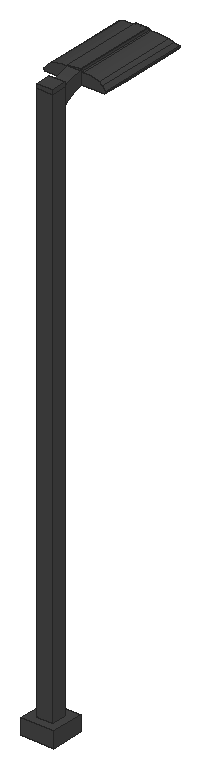
Revit family "ALT2", category Lighting Fixtures, Revit 2014
Parameters (values of type "ALT2")
  Width = 14.00"
  Wattage Comments = "20W"
  Wattage = 20 W
  built-in parameter 1150110 = 1 (stored number, unit not read)
  Voltage = 0 V
  URL = "https://www.hubbell.com/kimlighting/en"
  Type Comments = "Lighting Fixture"  # constant formula
  built-in parameter 1114217 = 1 (stored number, unit not read)
  Tilt Angle = 90.00°  # constant formula
  built-in parameter 1150109 = 1 (stored number, unit not read)
  built-in parameter 1150134 = (empty or 0)
  built-in parameter 1150113 = 1 (stored number, unit not read)
  Series = "Altitude"  # constant formula
  Revisions Date = "04/04/2019"  # constant formula
  Product Page URL = "https://www.hubbell.com/kimlighting/en/Products/Lighting-Controls/Harsh-Hazardous-Lighting/Street-Lighting/Altitude-2-0/p/2879707"
  Product Documentation Link = "https://hubbellcdn.com/specsheet/kl_alt2_spec.pdf"
  Power Factor = 1
  Pole Width = 4.00"
  Pole Height [instance] = 149.94162"
  Pole = yes
  Photometric Web Link = "https://www.hubbell.com/kimlighting/en/Products/Lighting-Controls/Harsh-Hazardous-Lighting/Street-Lighting/Altitude-2-0/p/2879707#prod-resources-section"
  Photometric Web File = "ALT2-100L-160-3K7-2-BC.ies"
  Photometric Notes = "More IES files download on Photometric Web Link"  # constant formula
  Offset From Pole = 6.12"
  Number of Poles = 1
  Model = "ALT2"
  Manufacturer = "KIM Lighting"  # constant formula
  Lumens = 2980 lm
  built-in parameter 1150115 = 1 (stored number, unit not read)
  built-in parameter 1150105 = 237.14 (stored number, unit not read)
  Light source [instance] = Pole Height - 3.50"  # 146.44162"
  built-in parameter 1150137 = (empty or 0)
  built-in parameter 1150139 = (empty or 0)
  Lens = Glass-KIM-Temper Molded
  built-in parameter 1150112 = 1 (stored number, unit not read)
  built-in parameter 1150114 = 1 (stored number, unit not read)
  Lamp = "default"
  built-in parameter 1150132 = (empty or 0)
  built-in parameter 1150102 = (empty or 0)
  built-in parameter 1150138 = (empty or 0)
  built-in parameter 1150107 = 3000 (stored number, unit not read)
  built-in parameter 1150106 = 2.3714 (stored number, unit not read)
  Fixture Height = 7.50"
  Finish = Powder Coat-Kim-Black
  Emit from Rectangle Width = 15.00"  # constant formula
  Emit from Rectangle Length = 20.00"  # constant formula
  Emit Shape Visible in Rendering = no
  built-in parameter 1150104 = 13.843 (stored number, unit not read)
  Dimming Lamp Color Temperature Shift = <None>
  Description = "Altitude® is the ultimate in luminaire design innovation with a unique balance of form, engineering and superior optics. The low profile housing is proportional and scalable with three sizes to cover more pedestrian/site/roadway environments than ever before. The result is an architecturally relevant luminaire of unsurpassed quality and flexibility that maximizes the power and performance."  # constant formula
  Depth = 18.44"
  Color Temperature = 0 K
  Color Filter = 16777215
  Certifications = "UL Listed"
  Center Width = 3.00"
  built-in parameter 1114218 = 1 (stored number, unit not read)
  built-in parameter 1150133 = 10 (stored number, unit not read)
  Assembly Code = "D5020200"
  Apparent Load = 20 VA
Reference planes (in)
  plane 1 "Light Source Axis (F/B)": y = 0
  plane 2: z = 0
  plane 3 "Light Source Axis (L/R)": x = 1.5
  plane 4 "Light Source Elevation": z = 146.44162
  plane 5 "Back": y = -15.34
Dimensions and locks (in)
  "Light source": plane 4 "Light Source Elevation" to plane 2
  aligned and locked: plane 4 "Light Source Elevation" to imposter light
  aligned and locked: nested 1 to plane 3 "Light Source Axis (L/R)"
  aligned and locked: nested 1 to plane 5 "Back"
  aligned and locked: imposter light to plane 3 "Light Source Axis (L/R)"
  aligned and locked: nested 2 to nested 1
Nested families (in)
  nested 1: "Kim_Lighting-Square_Pole" at (1.5, -17.34, 0) x (-1, 0, 0) z (0, 0, 1), visible <- "Pole", type "Kim_Lighting-Square_Pole"
    with Width 4.00", Height 149.94162", Base Cover 8.625"
  nested 2: "2ALT" at (1.1708, -15.34, 146.44162) x (-1, 0, 0) z (0, 1, 0), type "2ALT"
    with Lens White Glass, Finish Powder Coat-Kim-Black
Connectors (in)
  electrical at (1.5, -15.34, 18), driven by "Power Factor", driven by "Apparent Load", driven by "Apparent Load", driven by "Voltage", driven by "Number of Poles"
    settings: on nested 1, index 1, voltage 0 V, apparent load 20 VA, apparent load phase1 20 VA, apparent load phase2 0 VA, apparent load phase3 0 VA, power factor 1, load classification "Lighting", number of poles 1, system type 30, power factor state 1, is connector primary yes, connector utility no, sub classification motor no, connector description "Lighting Connector"
Definition of nested family "Kim_Lighting-Square_Pole"
  Parameters
    Width = 5.00"
    URL = "http://www.kimlighting.com/"
    Type Comments = "Non-Tapered Pole"
    Model = "Square Pole"  # constant formula
    Manufacturer = "KIM Lighting"  # constant formula
    Height = 240.00"
    Finish = none
    Base Cover = if(Width = 5.00", 12.625", 8.625")  # 12.625"
  Reference planes (in)
    plane 1 "Center (Front/Back)": y = 0
    plane 2: z = 0
    plane 3 "Center (Left/Right)": x = 0
    plane 4 "Front": y = -2.5
    plane 5 "Left": x = -2.5
    plane 6 "Right": x = 2.5
    plane 7 "Back": y = 2.5
    plane 8 "Top": z = 240
    plane 9: x = -6.3125
    plane 10: x = 6.3125
    plane 11: y = 6.3125
    plane 12: y = -6.3125
    plane 13: z = 18
  Forms (in)
    Extrusion 1, solid, material <- "Finish"
      sketch origin (0, 0, 0) x (1, 0, 0) y (0, 1, 0)
        loop
          line (-2.5, -2.5) -> (2.5, -2.5) -> (2.5, 2.5) -> (-2.5, 2.5) -> (-2.5, -2.5)
      from 0 to 240
    Extrusion 2, solid, material <- "Finish", detail levels medium+fine
      sketch origin (0, 0, 0) x (1, 0, 0) y (0, 1, 0)
        loop
          line (-6.3125, -6.3125) -> (6.3125, -6.3125) -> (6.3125, 6.3125) -> (-6.3125, 6.3125) -> (-6.3125, -6.3125)
        loop
          line (-2.5, -2.5) -> (2.5, -2.5) -> (2.5, 2.5) -> (-2.5, 2.5) -> (-2.5, -2.5)
      from 0 to 4
    Extrusion 3, solid, material <- "Finish", detail levels fine
      sketch origin (0, 0, 0) x (1, 0, 0) y (0, 0, 1)
        loop
          line (-1.5, 15) -> (1.5, 15) -> (1.5, 21) -> (-1.5, 21) -> (-1.5, 15)
      from 2.5 to 2.5625
    Extrusion 4, solid, material <- "Finish", detail levels fine
      sketch origin (0, 0, 240) x (-1, 0, 0) y (0, -1, 0)
        loop
          line (2.5625, 2.5625) -> (-2.5625, 2.5625) -> (-2.5625, -2.5625) -> (2.5625, -2.5625) -> (2.5625, 2.5625)
      from 0.10394 to -0.89606
  Lines and regions (in)
    Masking region 1
      outline origin (0, 0, 0) x (1, 0, 0) y (0, 0, 1)
        loop
          line (-2.5, 0) -> (2.5, 0) -> (2.5, 240) -> (-2.5, 240) -> (-2.5, 0)
    Masking region 2, detail levels medium+fine
      outline origin (0, 0, 0) x (1, 0, 0) y (0, 0, 1)
        loop
          line (-6.3125, 0) -> (6.3125, 0) -> (6.3125, 4) -> (-6.3125, 4) -> (-6.3125, 0)
    Masking region 3, detail levels fine
      outline origin (0, 0, 0) x (1, 0, 0) y (0, 0, 1)
        loop
          line (-2.5625, 239.10394) -> (2.5625, 239.10394) -> (2.5625, 240.10394) -> (-2.5625, 240.10394) -> (-2.5625, 239.10394)
    Masking region 4
      outline origin (0, 0, 0) x (0, 1, 0) y (0, 0, 1)
        loop
          line (2.5, 0) -> (2.5, 240) -> (-2.5, 240) -> (-2.5, 0) -> (2.5, 0)
    Masking region 5, detail levels medium+fine
      outline origin (0, 0, 0) x (0, 1, 0) y (0, 0, 1)
        loop
          line (6.3125, 0) -> (6.3125, 4) -> (-6.3125, 4) -> (-6.3125, 0) -> (6.3125, 0)
    Masking region 6, detail levels fine
      outline origin (0, 0, 0) x (0, 1, 0) y (0, 0, 1)
        loop
          line (2.5625, 239.10394) -> (2.5625, 240.10394) -> (-2.5625, 240.10394) -> (-2.5625, 239.10394) -> (2.5625, 239.10394)
    Masking region 7, detail levels medium+fine
      outline origin (0, 0, 0) x (1, 0, 0) y (0, 1, 0)
        loop
          line (-6.3125, -6.3125) -> (6.3125, -6.3125) -> (6.3125, 6.3125) -> (-6.3125, 6.3125) -> (-6.3125, -6.3125)
        loop
          line (-2.5, -2.5) -> (2.5, -2.5) -> (2.5, 2.5) -> (-2.5, 2.5) -> (-2.5, -2.5)
    Masking region 8
      outline origin (0, 0, 0) x (1, 0, 0) y (0, 1, 0)
        loop
          line (-2.5, -2.5) -> (2.5, -2.5) -> (2.5, 2.5) -> (-2.5, 2.5) -> (-2.5, -2.5)
    symbolic lines, detail levels fine
      curve 1: line (-1.5, 0, 15) -> (1.5, 0, 15)
      curve 2: line (-1.5, 0, 21) -> (-1.5, 0, 15)
      curve 3: line (1.5, 0, 21) -> (-1.5, 0, 21)
      curve 4: line (1.5, 0, 15) -> (1.5, 0, 21)
  Dimensions and locks (in)
    equal spacing: plane 7 "Back", plane 1 "Center (Front/Back)", plane 4 "Front"
    equal spacing: plane 5 "Left", plane 3 "Center (Left/Right)", plane 6 "Right"
    "Width": plane 7 "Back" to plane 4 "Front"
    "Width": plane 5 "Left" to plane 6 "Right"
    plane 3 "Center (Left/Right)" to Extrusion 1 = 2.50"
    "Height": plane 8 "Top" to level
    equal spacing: plane 11, plane 1 "Center (Front/Back)", plane 12
    "Base Cover": plane 11 to plane 12
    equal spacing: plane 9, plane 3 "Center (Left/Right)", plane 10
    "Base Cover": plane 9 to plane 10
    locked: Extrusion 2 to level at 4
    locked: plane 13 to level at 18
    Extrusion 3 sketch curve to plane 13 to Extrusion 3 sketch curve = 3.00" locked, 3.00" locked
    Extrusion 3 sketch curve to plane 3 "Center (Left/Right)" to Extrusion 3 sketch curve = 1.50" locked, 1.50" locked
    locked: plane 4 "Front" to Extrusion 3 at 0.0625
    Extrusion 4 to plane 8 "Top" to Extrusion 4 = 0.10394" locked, 0.89606" locked
    aligned and locked: plane 5 "Left" to Extrusion 1 sketch curve
    aligned and locked: Extrusion 1 sketch curve to plane 4 "Front"
    aligned and locked: plane 7 "Back" to Extrusion 1 sketch curve
    aligned and locked: Extrusion 1 sketch curve to plane 6 "Right"
    aligned and locked: plane 8 "Top" to Extrusion 1
    aligned and locked: plane 9 to Extrusion 2 sketch curve
    aligned and locked: Extrusion 2 sketch curve to plane 12
    aligned and locked: plane 11 to Extrusion 2 sketch curve
    aligned and locked: Extrusion 2 sketch curve to plane 10
    aligned and locked: Extrusion 1 to Extrusion 2 sketch curve
    aligned and locked: Extrusion 2 sketch curve to Extrusion 1  (x3)
    aligned and locked: plane 4 "Front" to Extrusion 3
    aligned: plane 8 "Top" to Extrusion 4
    aligned and locked: Masking region 1 sketch curve to Extrusion 1  (x2)
    aligned and locked: plane 8 "Top" to Masking region 1 sketch curve
    aligned and locked: Masking region 1 sketch curve to plane 6 "Right"
    aligned and locked: Masking region 2 sketch curve to Extrusion 2  (x2)
    aligned and locked: Extrusion 2 to Masking region 2 sketch curve
    aligned and locked: Masking region 2 sketch curve to plane 10
    aligned and locked: Extrusion 3 to curve 1
    aligned and locked: curve 1 to Extrusion 3
    aligned and locked: curve 4 to Extrusion 3  (x2)
    aligned and locked: Masking region 3 sketch curve to Extrusion 4  (x3)
    aligned and locked: Extrusion 4 to Masking region 3 sketch curve
    aligned and locked: Masking region 4 sketch curve to Extrusion 1  (x3)
    aligned and locked: Extrusion 1 to Masking region 4 sketch curve
    aligned and locked: Masking region 5 sketch curve to Extrusion 2  (x3)
    aligned and locked: Extrusion 2 to Masking region 5 sketch curve
    aligned and locked: Masking region 6 sketch curve to Extrusion 4  (x3)
    aligned and locked: Extrusion 4 to Masking region 6 sketch curve
    aligned and locked: Extrusion 2 to Masking region 7 sketch curve
    aligned and locked: Masking region 7 sketch curve to Extrusion 2  (x3)
    aligned and locked: Extrusion 1 to Masking region 8 sketch curve
    aligned and locked: Masking region 8 sketch curve to Extrusion 1  (x3)
    aligned and locked: Extrusion 1 to Masking region 7 sketch curve
    aligned and locked: Masking region 7 sketch curve to Extrusion 1  (x3)
  Automatic sketch dimensions
    Extrusion 4 sketch curve to plane 6 "Right" = 0.0625"
    plane 5 "Left" to Extrusion 4 sketch curve = 0.0625"
    plane 7 "Back" to Extrusion 4 sketch curve = 0.0625"
    Extrusion 4 sketch curve to plane 4 "Front" = 0.0625"
Definition of nested family "2ALT"
  Parameters (values of type "2ALT")
    Width = 16.00"
    URL = "http://www.spauldinglighting.com/"
    Product Page URL = ""
    Product Documentation Link = ""
    Manufacturer Phone = "(864)-678-1000"  # constant formula
    Manufacturer Fax = "(866)-898-1065"  # constant formula
    Manufacturer = "Spaulding Lighting"  # constant formula
    Lens [instance] = White Glass
    Length = 30.25"
    Finish [instance] = Powder Coat-Kim-Black
  Reference planes (in)
    plane 1 "Center (Front/Back)": y = 0
    plane 2: z = 0
    plane 3 "Center (Left/Right)": x = 0
    plane 4: z = 30.06
    plane 5: z = 6.62
    plane 6: y = -3.375
    plane 7: x = -8
    plane 8: x = 8
    plane 9: y = 3.5
  Forms (in)
    Extrusion 1, solid, material "Powder Coat-Kim-Black" <- "Finish"
      sketch origin (0, 0, 0) x (0, 1, 0) y (0, 0, 1)
        loop
          line (0, 30.06) -> (0, 13.0003) -> (0, 6.25) -> (3.5, 6.25) -> (3.5, 27.72554) -> (0.61718, 30.06) -> (0, 30.06)
      from -8 to 8
    Extrusion 2, solid, material "Powder Coat-Kim-Black" <- "Finish"
      sketch origin (0, 0, 0) x (0, 1, 0) y (0, 0, 1)
        loop
          line (-3.375, 0) -> (1.56488, 0)
          arc (1.56488, 0) -> (2.78495, 3.2371) -> (3.50838, 6.62) r 23.12072
          line (3.50838, 6.62) -> (0.10272, 6.62)
          arc (0.10272, 6.62) -> (-1.2633, 3.11413) -> (-3.375, 0) r 16.80725
      from -1.5889 to 1.5889
    Sweep 3, solid, material "Powder Coat-Kim-Black" <- "Finish"
      path in 3D
        loop
          line (8, 0, 6.25) -> (8, 3.5, 6.25) -> (8, 3.5, 27.72554) -> (8, 0.61718, 30.06) -> (8, 0, 30.06)
      profile origin (8, 3.5, 16.98777) x (0, -1, 0) y (1, 0, 0)
        loop
          line (0.01398, -9.5264) -> (0.01398, -6.37608) -> (-0.18602, -6.37608) -> (-0.18602, -9.5264) -> (0.01398, -9.5264)
    Extrusion 4, void
      sketch origin (0, 0, 0) x (1, 0, 0) y (0, 1, 0)
        loop
          line (-10.63605, 4.16779) -> (-10.63605, 0) -> (-8.21181, 0) -> (-7.76685, 0) -> (-7.91326, 0.31399)
          arc (-7.91326, 0.31399) -> (-7.94684, 0.49896) -> (-7.88523, 0.67657) r 0.37016
          arc (-7.88523, 0.67657) -> (-7.51665, 1.17901) -> (-7.10695, 1.64854) r 7.37296
          arc (-7.10695, 1.64854) -> (-6.70187, 2.00033) -> (-6.23713, 2.26842) r 2.80016
          arc (-6.23713, 2.26842) -> (-4.14147, 2.90153) -> (-1.95298, 2.95762) r 8.20027
          line (-1.95298, 2.95762) -> (-1.5889, 2.95762) -> (-1.5889, 3.70762) -> (1.9111, 3.70762) -> (1.9111, 2.95296)
          arc (1.9111, 2.95296) -> (4.12066, 2.90485) -> (6.23713, 2.26842) r 8.20027
          arc (6.23713, 2.26842) -> (6.70187, 2.00033) -> (7.10695, 1.64854) r 2.80016
          arc (7.10695, 1.64854) -> (7.51665, 1.17901) -> (7.88523, 0.67657) r 7.37296
          arc (7.88523, 0.67657) -> (7.94684, 0.49896) -> (7.91326, 0.31399) r 0.37016
          line (7.91326, 0.31399) -> (7.76685, 0) -> (9.26105, 0) -> (9.26105, 4.16779) -> (-10.63605, 4.16779)
      from 6.25 to 30.06
    Extrusion 5, void
      sketch origin (0, 0, 0) x (1, 0, 0) y (0, 0, 1)
        loop
          line (-6.96181, 28.4131) -> (-6.96181, 12.77089) -> (7.03819, 12.77089) -> (7.03819, 28.4131) -> (-6.96181, 28.4131)
        loop
          line (-6.96181, 12.21711) -> (-6.96181, 6.93454) -> (7.03819, 6.93454) -> (7.03819, 12.21711) -> (-6.96181, 12.21711)
      from -0.54237 to 0.18602
    Extrusion 6, solid, material "White Glass" <- "Lens"
      sketch origin (0, 0, 0) x (1, 0, 0) y (0, 0, 1)
        loop
          line (-6.96181, 28.4131) -> (-6.96181, 12.77089) -> (7.03819, 12.77089) -> (7.03819, 28.4131) -> (-6.96181, 28.4131)
        loop
          line (-6.96873, 12.21711) -> (-6.96873, 6.93454) -> (7.03819, 6.93454) -> (7.03819, 12.21711) -> (-6.96873, 12.21711)
      from -0.30667 to 0
  Cuts and joins
    Extrusion 4 cuts Extrusion 1
    Extrusion 4, Extrusion 5 cuts Sweep 3
  Lines and regions (in)
    sketch lines
      curve 1: line (8, 3.5, 6.25) -> (8, 3.5, 27.72554)
      curve 2: line (8, 3.5, 27.72554) -> (8, 0.61718, 30.06)
      curve 3: line (8, 0.61718, 30.06) -> (8, 0, 30.06)
      curve 4: line (8, 0, 6.25) -> (8, 3.5, 6.25)
  Dimensions and locks (in)
    plane 4 to plane 5 to level = 23.44", 6.62"
    plane 4 to level = 30.06"
    "Width": plane 8 to plane 7
    equal spacing: plane 8, plane 3 "Center (Left/Right)", plane 7
    aligned and locked: plane 2 to level
    aligned and locked: Extrusion 1 to plane 7
    aligned and locked: plane 8 to Extrusion 1
    aligned and locked: Extrusion 4 to Extrusion 1
  Automatic sketch dimensions
    Extrusion 1 sketch curve to plane 1 "Center (Front/Back)" = 0.00"
    Extrusion 1 sketch curve to plane 4 = 0.00"
    Extrusion 1 sketch curve to plane 9 = 0.00"
    Extrusion 1 sketch curve to Extrusion 1 sketch curve = 0.61718"
    Extrusion 1 sketch curve to plane 4 = 2.33446"
    plane 5 to Extrusion 1 sketch curve = 6.3803"
    Extrusion 1 sketch curve to plane 5 = 0.37"
    Extrusion 2 sketch curve to level = 0.00"
    Extrusion 2 sketch curve to plane 6 = 0.00"
    Extrusion 2 sketch curve to plane 5 = 0.00"
    plane 5 to Extrusion 2 sketch curve = 4.31062"
    plane 6 to Extrusion 2 sketch curve = 12.76735"
    Extrusion 2 sketch curve to Extrusion 2 sketch curve = 3.25715"
    Extrusion 2 sketch curve to plane 1 "Center (Front/Back)" = 1.56488"
    Extrusion 2 sketch curve to plane 9 = 0.00838"
    profile plane to Sweep 3 sketch curve = 0.18602"
    Sweep 3 sketch curve to profile plane = 0.01398"
    Sweep 3 sketch curve to profile plane = 9.5264"
    Sweep 3 sketch curve to Sweep 3 sketch curve = 3.15032"
    plane 7 to Extrusion 5 sketch curve = 1.03819"  (x2)
    plane 5 to Extrusion 5 sketch curve = 0.31454"
    Extrusion 5 sketch curve to plane 8 = 0.96181"  (x2)
    Extrusion 5 sketch curve to Extrusion 5 sketch curve = 5.28257"
    Extrusion 5 sketch curve to Extrusion 5 sketch curve = 0.55378"
    Extrusion 5 sketch curve to plane 4 = 1.6469"
    plane 5 to Extrusion 6 sketch curve = 0.31454"
    plane 7 to Extrusion 6 sketch curve = 1.03127"
    Extrusion 6 sketch curve to Extrusion 6 sketch curve = 0.00693"
    Extrusion 6 sketch curve to plane 8 = 0.96181"  (x2)
    Extrusion 6 sketch curve to Extrusion 6 sketch curve = 5.28257"
    Extrusion 6 sketch curve to Extrusion 6 sketch curve = 0.55378"
    Extrusion 6 sketch curve to plane 4 = 1.6469"
    plane 1 "Center (Front/Back)" to Extrusion 4 sketch curve = 0.00"  (x2)
    Extrusion 4 sketch curve to plane 7 = 2.63605"
    plane 7 to Extrusion 4 sketch curve = 0.08674"
    plane 7 to Extrusion 4 sketch curve = 0.23315"
    Extrusion 4 sketch curve to Extrusion 4 sketch curve = 0.33548"
    plane 1 "Center (Front/Back)" to Extrusion 4 sketch curve = 0.28001"  (x2)
    Extrusion 4 sketch curve to Extrusion 4 sketch curve = 2.50102"
    plane 6 to Extrusion 4 sketch curve = 1.81964"  (x2)
    Extrusion 4 sketch curve to plane 3 "Center (Left/Right)" = 2.83901"
    plane 9 to Extrusion 4 sketch curve = 0.54238"
    Extrusion 4 sketch curve to plane 3 "Center (Left/Right)" = 1.95298"
    plane 6 to Extrusion 4 sketch curve = 0.05441"  (x2)
    Extrusion 4 sketch curve to plane 3 "Center (Left/Right)" = 1.76139"
    Extrusion 4 sketch curve to Extrusion 4 sketch curve = 0.36408"
    plane 3 "Center (Left/Right)" to Extrusion 4 sketch curve = 1.76139"
    Extrusion 4 sketch curve to Extrusion 4 sketch curve = 1.07762"
    Extrusion 4 sketch curve to plane 8 = 2.92323"
    Extrusion 4 sketch curve to plane 8 = 0.42221"
    Extrusion 4 sketch curve to plane 8 = 0.23315"
    Extrusion 4 sketch curve to plane 8 = 0.08674"
    plane 8 to Extrusion 4 sketch curve = 1.26105"
    Extrusion 4 sketch curve to plane 1 "Center (Front/Back)" = 0.31399"  (x2)
    Extrusion 4 sketch curve to Extrusion 4 sketch curve = 0.15644"  (x2)
    Extrusion 4 sketch curve to plane 9 = 0.20762"
    Extrusion 4 sketch curve to plane 9 = 0.66779"
    Extrusion 4 sketch curve to Extrusion 4 sketch curve = 0.00"  (x4)
    plane 3 "Center (Left/Right)" to Extrusion 4 sketch curve = 1.9111"
    plane 9 to Extrusion 4 sketch curve = 1.23158"
    Extrusion 4 sketch curve to plane 7 = 0.21181"
